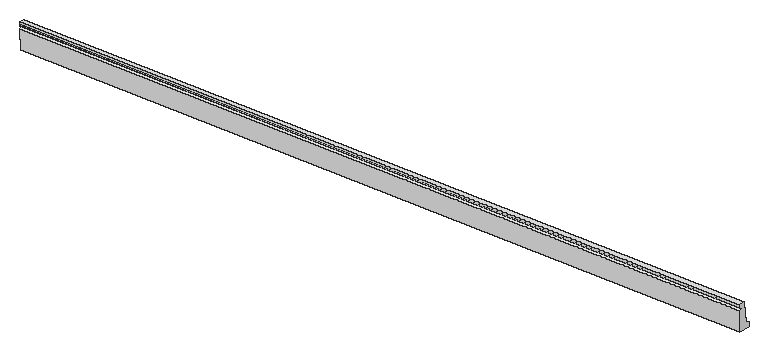
Revit family "13-MOULDING-CADS-147-PCBDRIPCAP-4-REVIT_Versatex-Generic-Model-DRIP-CAP", category Generic Models, host Face, Revit 2026
Family settings
  Host = Face
  Can host rebar = No
  Round Connector Dimension = Use Diameter
  Part Type = Normal
  Cut with Voids When Loaded = No
  Maintain Annotation Orientation = No
  Shared = No
  Room Calculation Point = No
Parameters
  Model = "PCBDRIPCAP"
  Length = 4' - 0"
  Warranty = "https://versatex.com/warranty/"
  URL = "https://versatex.com/"
  Specification = "https://www.arcat.com/company/versatex-45716/spec?coid=45716"
  Sales Information = "https://versatex.com/dealer-locator/"
  Message Manufacturer = "https://versatex.com/contact/"
  Material = Versatex PVC - Smooth
  Manufacturer Website = "https://versatex.com/"
  Manufacturer Phone = "724-857-1111"
  Manufacturer Fax = "724-857-1171"
  Manufacturer Address = "400 Steel Street, Aliquippa, PA 15001"
  Manufacturer = "Versatex"
  Literature = "https://versatex.com/literature/?_sft_literature_category=cads"
  Description = "DRIP CAP"
  Default Elevation = 4' - 0"
  Copyright = "© 2024 VERSATEX Building Products, LLC"
Reference planes (in)
  plane 1 "Center (Front/Back)": y = 0
  plane 2: z = 0
  plane 3 "Center (Left/Right)": x = 0
  plane 4: x = 24
  plane 5: x = -24
Forms (in)
  Sweep 1, solid, material "Versatex PVC - Smooth" <- "Material"
    path origin (0, 0, 0) x (1, 0, 0) y (0, 1, 0)
      loop
        line (-24, 0) -> (24, 0)
    profile "Versatex_Profile_DRIP CAP : Versatex_Profile_DRIP CAP" origin (0, 0, 0) x (0, 1, 0) y (0, 0, 1)
      loop
        arc (0, 1.44) -> (0.09, 1.34999) -> (0, 1.25998) r 0.09001
        line (0, 1.25998) -> (0, 0) -> (0.66833, 0) -> (0.66833, 0.29833) -> (0.485, 0.39167) -> (0.31333, 1.63) -> (0, 1.63) -> (0, 1.44)
Dimensions and locks (in)
  "Length": plane 5 to plane 4
  equal spacing: plane 5, plane 3 "Center (Left/Right)", plane 4, locked at 24 each
  aligned and locked: plane 2 to host face
  aligned and locked: level to host face
Automatic sketch dimensions
  host sketch curve to host sketch curve = 8' - 0"  (x2)
  plane 1 "Center (Front/Back)" to Sweep 1 sketch curve = 0' - 0"
  Sweep 1 sketch curve to plane 5 = 0' - 0"
  Sweep 1 sketch curve to plane 4 = 0' - 0"
